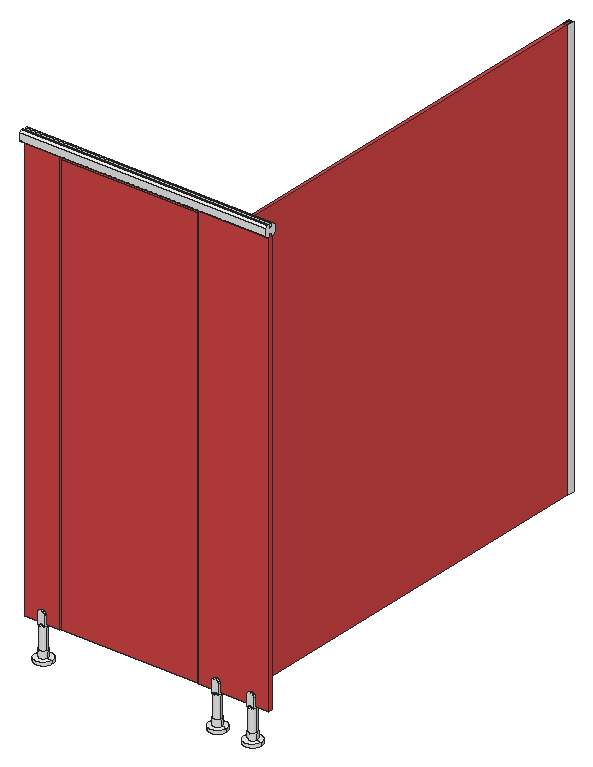
Revit family "ToiletPartition_ASI_Alpaco-Classic", category Casework, Revit 2014
Parameters (values of type "First Stall - Hinge Side At Wall")
  Width [instance] = 3' - 0"
  Warranty Duration (Years) = 0
  Wall Extension Length [instance] = 2' - 10"
  URL = "http://www.accuratepartitions.com/"
  Type Comments = "Contact Manufacturer for More Information"
  Test Data = "http://www.accuratepartitions.com/accurate/flammability.html"
  StrkPnlOffset = if((Offset Strike Panel), (Pilaster Width_Strike Side + (Panel Thickness / 2)), StrkPilast2)  # 0' - 6"
  StrkPilast2 = Pilaster Width_Strike Side / 2  # 0' - 6"
  Strike Side Panel = yes
  Strike Pilaster = yes
  Specification = "http://www.arcat.com/sdspecs/htm/10155apc.htm"
  SpecWizard = ""
  Pilaster Thickness = 0' - 0 1/2"
  Panel Thickness = 0' - 0 1/2"
  Panel - Strike Side = Pilaster : Mid Panel
  Panel - Hinge Side = Pilaster : End Panel
  Offset Strike Panel = no
  Offset Hinge Panel = yes
  HngPnlOffset = if((Offset Hinge Panel), (Pilaster Width_Hinge Side + (Panel Thickness / 2)), HngPilast2)  # 0' - 6 1/4"
  Hinge Side Panel = no
  Send Message = "http://www.arcat.com/users.pl?action=UserEmail&company=Accurate%20Partitions%20Corp&coid=30092&rep=139&fax=708-442-7439&mf="
  Sales Information = "http://www.accuratepartitions.com/accurate/images/AccurateReps.xls"
  Revision = "R1_09-2010"
  Product Properties = "http://www.arcat.com/bim/bim_info.pl?fn=AccuratePartitions"
  Product Data = "http://www.arcat.com/arcatcos/cos30/arc30092.html"
  Pilaster Width_Hinge Side = 0' - 6"
  Pilaster Width_Strike Side = 1' - 0"
  Pilaster Height = 6' - 7 97/256"  # constant formula
  Panel Height from Floor = 0' - 5.90551"
  Panel Height = 6' - 0"  # constant formula
  Model = "As Specified in 10 21 00"
  Material [instance] = As Specified from Manufacturer's Material and Finish Options
  Manufacturer Website = "http://www.accuratepartitions.com/"
  Manufacturer Phone - Toll Free = "800-400-6804"
  Manufacturer Phone = "708-442-6800"
  Manufacturer Fax = "708-442-7439"
  Manufacturer Address = "P. O. Box 287, Lyons, IL 60534-0287"
  Manufacturer = "Accurate Partitions Corp"
  Maintenance Schedule (Months) = 0
  Keynote = "10 21 00"
  Installation-Fabrication = "http://www.accuratepartitions.com/accurate/install.html"
  Installation Phase = ""
  HngPilast2 = Pilaster Width_Hinge Side / 2  # 0' - 3"
  Hinge Pilaster = yes
  Hinge [instance] = "[Stirrup}{Continuous}"
  Height = 6' - 8 81/256"
  Headrail Height = 0' - 1 1/4"
  HasBothReturns = no
  Has Return Rail2 = (and(Strike Pilaster, Offset Strike Panel, Strike Side Panel))  # no
  Has Return Rail 1 = (and(Hinge Pilaster, Offset Hinge Panel, Hinge Side Panel))  # no
  Hardware Finish [instance] = Aluminum
  Green Building-LEED = "http://www.arcat.com/green/clients/leed_data_30092.html"
  GapStrk = if((Offset Strike Panel), ((Panel Thickness / 2) + 0' 1"), 0' 0")  # 0' - 0"
  GapHng = if((Offset Hinge Panel), ((Panel Thickness / 2) + 0' 1"), 0' 0")  # 0' - 1 1/4"
  FrontRailOnly = yes
  FootLoc_Strike = if((Offset Strike Panel), (Pilaster Width_Strike Side / 2), (Pilaster Width_Strike Side / 4))  # 0' - 3"
  FootLoc_Hinge = if((Offset Hinge Panel), (Pilaster Width_Hinge Side / 2), (Pilaster Width_Hinge Side / 4))  # 0' - 3"
  Foot Space_Strike = Pilaster Width_Strike Side / 2  # 0' - 6"
  Foot Space_Hinge = Pilaster Width_Hinge Side / 2  # 0' - 3"
  Expected Lifespan (Years) = 0
  Drawn By = "Sumex Design, Inc."
  Door Thickness = 0' - 0 1/2"
  Door Style = Door : Rectangular
  Door Height = 6' - 0"  # constant formula
  Door Handle Height = 3' - 0"
  Description = "Partition as Specified in 10 21 00"
  Depth [instance] = 6' - 0"
  Copyright = "2010, ARCAT, Inc"
  Construction Details = "http://www.arcat.com/details/accurate/accurate.html?coid=30092"
  Building Codes = ""
  Bracket Type [instance] = "[Integral}{Vault}{8\" Aluminum Wrap-Around}{Continuous Piano}{Continuous Cam-Action}"
  Assembly Code = "C1010400"
  2Feet_StrikeSide = not(Offset Strike Panel)  # yes
  2Feet_HingeSide = not(Offset Hinge Panel)  # no
Types (7): name | StrkPnlOffset | StrkPilast2 | Strike Side Panel | Panel - Strike Side | Offset Strike Panel | Offset Hinge Panel | HngPnlOffset | Hinge Side Panel | Pilaster Width_Hinge Side | Pilaster Width_Strike Side | HngPilast2 | Hinge Pilaster | HasBothReturns | Has Return Rail2 | Has Return Rail 1 | GapStrk | GapHng | FrontRailOnly | Foot Space_Strike | Foot Space_Hinge | 2Feet_StrikeSide | 2Feet_HingeSide
  (no name) | 0' - 6" | 0' - 6" | yes | Pilaster : Mid Panel | no | yes | 0' - 6 1/4" | no | 0' - 6" | 1' - 0" | 0' - 3" | yes | no | no | no | 0' - 0" | 0' - 1 1/4" | yes | 0' - 6" | 0' - 3" | yes | no
  First Stall - Hinge Side At Wall | 0' - 6" | 0' - 6" | yes | Pilaster : Mid Panel | no | yes | 0' - 6 1/4" | no | 0' - 6" | 1' - 0" | 0' - 3" | yes | no | no | no | 0' - 0" | 0' - 1 1/4" | yes | 0' - 6" | 0' - 3" | yes | no
  Intermediate Stall | 0' - 6" | 0' - 6" | yes | Pilaster : Mid Panel | no | yes | 0' - 6 1/4" | no | 0' - 6" | 1' - 0" | 0' - 3" | no | no | no | no | 0' - 0" | 0' - 1 1/4" | yes | 0' - 6" | 0' - 3" | yes | no
  First Stall - Strike Side At Wall | 0' - 6 1/4" | 0' - 3" | no | Pilaster : Mid Panel | yes | no | 0' - 6" | no | 1' - 0" | 0' - 6" | 0' - 6" | no | no | no | no | 0' - 1 1/4" | 0' - 0" | yes | 0' - 3" | 0' - 6" | no | yes
  Single Stall - Freestanding | 0' - 6 1/4" | 0' - 3" | yes | Pilaster : End Panel | yes | yes | 0' - 6 1/4" | yes | 0' - 6" | 0' - 6" | 0' - 3" | yes | yes | yes | yes | 0' - 1 1/4" | 0' - 1 1/4" | no | 0' - 3" | 0' - 3" | no | no
  Last Stall - Strike Side Panel | 0' - 6 1/4" | 0' - 3" | yes | Pilaster : End Panel | yes | yes | 0' - 6 1/4" | no | 0' - 6" | 0' - 6" | 0' - 3" | no | no | yes | no | 0' - 1 1/4" | 0' - 1 1/4" | no | 0' - 3" | 0' - 3" | no | no
  Last Stall - Hinge Side Panel | 0' - 6" | 0' - 6" | yes | Pilaster : Mid Panel | no | yes | 0' - 6 1/4" | yes | 0' - 6" | 1' - 0" | 0' - 3" | yes | no | no | yes | 0' - 0" | 0' - 1 1/4" | no | 0' - 6" | 0' - 3" | yes | no
Reference planes (in)
  plane 1 "Center (Front/Back)": y = -4.89392
  plane 2 "Bottom": z = 0
  plane 3 "Center (Left/Right)": x = 3.546
  plane 4 "Front": y = -41.14392
  plane 5 "Back": y = 31.10608
  plane 6 "Top": z = 79.06641
  plane 7 "Panel Base": z = 5.90551
  plane 8: z = 36
  plane 9 "Pnl CL - R": x = 21.546
  plane 10 "Pnl CL - L": x = -14.454
  plane 11 "Top Rail": z = 80.31641
  plane 12: x = -14.204
  plane 13: x = -8.204
  plane 14: x = 15.546
  plane 15: x = 27.546
  plane 16: y = -40.89392
  plane 17: y = -41.39392
Forms (in)
  Sweep 1, solid, material "Aluminum" <- "Hardware Finish", visible <- "HasBothReturns", detail levels medium+fine
    path origin (0, 0, 80.31641) x (-1, 0, 0) y (0, -1, 0)
      loop
        line (14.454, -31.10608) -> (14.454, 41.14392) -> (-21.546, 41.14392) -> (-21.546, -31.10608)
    profile "Rail_AvGd-Classic : Classic" origin (3.546, -41.14392, 80.31641) x (0, 1, 0) y (0, 0, 1)
      loop
        line (0.57776, 0) -> (0.25, 0) -> (0.25, -0.5) -> (-0.25, -0.5) -> (-0.25, 0) -> (-0.57776, 0) -> (-0.90551, -0.32776) -> (-0.90551, -1.48474) -> (-0.57776, -1.8125) -> (-0.25, -1.8125) -> (-0.25, -1.3125) -> (0.25, -1.3125) -> (0.25, -1.8125) -> (0.57776, -1.8125) -> (0.90551, -1.48474) -> (0.90551, -0.32776) -> (0.57776, 0)
  Extrusion 2, solid, material "As Specified from Manufacturer's Material and Finish Options" <- "Material", visible <- "Strike Pilaster"
    sketch origin (0, 0, 5.90551) x (-1, 0, 0) y (0, -1, 0)
      loop
        line (-15.546, 40.89392) -> (-15.546, 41.39392) -> (-27.546, 41.39392) -> (-27.546, 40.89392) -> (-15.546, 40.89392)
    from 0 to 73.16089
  Extrusion 3, solid, material "As Specified from Manufacturer's Material and Finish Options" <- "Material", visible <- "Hinge Pilaster"
    sketch origin (0, 0, 5.90551) x (-1, 0, 0) y (0, -1, 0)
      loop
        line (14.204, 40.89392) -> (14.204, 41.39392) -> (8.204, 41.39392) -> (8.204, 40.89392) -> (14.204, 40.89392)
    from 0 to 73.16089
  Sweep 4, solid, material "Aluminum" <- "Hardware Finish", visible <- "Has Return Rail 1", detail levels medium+fine
    path origin (-51, 0, 80.31641) x (-1, 0, 0) y (0, -1, 0)
      loop
        line (-36.546, -31.10608) -> (-36.546, 41.14392) -> (-72.546, 41.14392)
    profile "Rail_AvGd-Classic : Classic" origin (3.546, -41.14392, 80.31641) x (0, 1, 0) y (0, 0, 1)
      loop
        line (0.57776, 0) -> (0.25, 0) -> (0.25, -0.5) -> (-0.25, -0.5) -> (-0.25, 0) -> (-0.57776, 0) -> (-0.90551, -0.32776) -> (-0.90551, -1.48474) -> (-0.57776, -1.8125) -> (-0.25, -1.8125) -> (-0.25, -1.3125) -> (0.25, -1.3125) -> (0.25, -1.8125) -> (0.57776, -1.8125) -> (0.90551, -1.48474) -> (0.90551, -0.32776) -> (0.57776, 0)
  Sweep 5, solid, material "Aluminum" <- "Hardware Finish", visible <- "Has Return Rail2", detail levels medium+fine
    path origin (77, 0, 80.31641) x (-1, 0, 0) y (0, -1, 0)
      loop
        line (91.454, 41.14392) -> (55.454, 41.14392) -> (55.454, -31.10608)
    profile "Rail_AvGd-Classic : Classic" origin (3.546, -41.14392, 80.31641) x (0, 1, 0) y (0, 0, 1)
      loop
        line (0.57776, 0) -> (0.25, 0) -> (0.25, -0.5) -> (-0.25, -0.5) -> (-0.25, 0) -> (-0.57776, 0) -> (-0.90551, -0.32776) -> (-0.90551, -1.48474) -> (-0.57776, -1.8125) -> (-0.25, -1.8125) -> (-0.25, -1.3125) -> (0.25, -1.3125) -> (0.25, -1.8125) -> (0.57776, -1.8125) -> (0.90551, -1.48474) -> (0.90551, -0.32776) -> (0.57776, 0)
  Sweep 6, solid, material "Aluminum" <- "Hardware Finish", visible <- "FrontRailOnly", detail levels medium+fine
    path origin (-131, 0, 80.31641) x (-1, 0, 0) y (0, -1, 0)
      loop
        line (-116.546, 41.14392) -> (-158.546, 41.14392)
    profile "Rail_AvGd-Classic : Classic" origin (6.546, -41.14392, 80.31641) x (0, 1, 0) y (0, 0, 1)
      loop
        line (0.57776, 0) -> (0.25, 0) -> (0.25, -0.5) -> (-0.25, -0.5) -> (-0.25, 0) -> (-0.57776, 0) -> (-0.90551, -0.32776) -> (-0.90551, -1.48474) -> (-0.57776, -1.8125) -> (-0.25, -1.8125) -> (-0.25, -1.3125) -> (0.25, -1.3125) -> (0.25, -1.8125) -> (0.57776, -1.8125) -> (0.90551, -1.48474) -> (0.90551, -0.32776) -> (0.57776, 0)
Dimensions and locks (in)
  equal spacing: plane 5 "Back", plane 1 "Center (Front/Back)", plane 16
  "Depth": plane 5 "Back" to plane 16
  "Panel Height from Floor": plane 7 "Panel Base" to level
  equal spacing: plane 10 "Pnl CL - L", plane 3 "Center (Left/Right)", plane 9 "Pnl CL - R"
  "Width": plane 10 "Pnl CL - L" to plane 9 "Pnl CL - R"
  "Door Handle Height": plane 8 to plane 2 "Bottom"
  "Headrail Height": plane 11 "Top Rail" to plane 6 "Top"
  "Height": plane 11 "Top Rail" to level
  "Pilaster Width_Hinge Side": plane 12 to plane 13
  "Pilaster Width_Strike Side": plane 14 to plane 15
  "StrkPnlOffset": plane 14 to plane 9 "Pnl CL - R"
  "HngPnlOffset": plane 10 "Pnl CL - L" to plane 13
  equal spacing: plane 16, plane 4 "Front", plane 17
  "Panel Thickness": plane 16 to plane 17
  "Foot Space_Hinge": nested 4 to nested 6
  "Foot Space_Strike": nested 7 to nested 5
  "FootLoc_Hinge": nested 6 to plane 13
  "FootLoc_Hinge": plane 14 to nested 7
  aligned and locked: nested 1 to plane 4 "Front"
  aligned and locked: nested 2 to plane 4 "Front"
  aligned and locked: plane 2 "Bottom" to nested 2
  aligned and locked: plane 5 "Back" to Sweep 1 sketch curve  (x2)
  aligned and locked: Sweep 1 sketch curve to plane 4 "Front"
  aligned and locked: plane 9 "Pnl CL - R" to Sweep 1 sketch curve
  aligned and locked: level to nested 1
  aligned and locked: plane 10 "Pnl CL - L" to nested 1
  aligned and locked: nested 3 to plane 4 "Front"
  aligned and locked: nested 3 to plane 13
  aligned and locked: nested 3 to plane 14
  aligned and locked: Extrusion 2 sketch curve to plane 16
  aligned and locked: Extrusion 2 sketch curve to plane 15
  aligned and locked: plane 17 to Extrusion 2 sketch curve
  aligned and locked: plane 14 to Extrusion 2 sketch curve
  aligned and locked: Extrusion 3 sketch curve to plane 13
  aligned and locked: Extrusion 3 sketch curve to plane 16
  aligned and locked: plane 12 to Extrusion 3 sketch curve
  aligned and locked: plane 17 to Extrusion 3 sketch curve
  aligned and locked: plane 6 "Top" to Extrusion 2
  aligned and locked: plane 6 "Top" to Extrusion 3
  aligned and locked: nested 5 to plane 4 "Front"
  aligned and locked: nested 4 to plane 4 "Front"
  aligned and locked: plane 10 "Pnl CL - L" to Sweep 1 sketch curve
  aligned and locked: plane 10 "Pnl CL - L" to Sweep 6 sketch curve
  aligned and locked: plane 9 "Pnl CL - R" to Sweep 4 sketch curve
  aligned and locked: Sweep 4 sketch curve to plane 4 "Front"
  aligned and locked: plane 10 "Pnl CL - L" to Sweep 4 sketch curve
  aligned and locked: plane 10 "Pnl CL - L" to Sweep 5 sketch curve
  aligned and locked: Sweep 5 sketch curve to plane 4 "Front"
  aligned and locked: plane 9 "Pnl CL - R" to Sweep 5 sketch curve
  aligned and locked: plane 5 "Back" to Sweep 5 sketch curve
  aligned and locked: plane 5 "Back" to Sweep 4 sketch curve
  aligned and locked: Sweep 6 sketch curve to plane 4 "Front"
  aligned and locked: nested 6 to plane 4 "Front"
  aligned and locked: nested 7 to plane 4 "Front"
  aligned and locked: Extrusion 2 to Sweep 6 sketch curve
Nested families (in)
  nested 1: "Pilaster" at (-14.454, -41.14392, 0) x (-1, 0, 0) z (0, 0, 1), Pilaster Height <- "Pilaster Height", visible <- "Hinge Side Panel", Floor Gap <- "Panel Height from Floor", Panel Height <- "Panel Height", Stall Depth <- "Depth", type <- "Panel - Hinge Side", type "End Panel"
    with Stall Depth 6' - 0", Pilaster Height 6' - 7 97/256", Panel Height 6' - 0", Floor Gap 0' - 5.90551"
  nested 2: "Pilaster" at (21.546, -41.14392, 0), Pilaster Height <- "Pilaster Height", visible <- "Strike Side Panel", Floor Gap <- "Panel Height from Floor", Panel Height <- "Panel Height", Stall Depth <- "Depth", type <- "Panel - Strike Side", type "Mid Panel"
    with Stall Depth 6' - 0", Pilaster Height 6' - 7 97/256", Panel Height 6' - 0", Floor Gap 0' - 5.90551"
  nested 3: "Door" at (3.546, -41.14392, 5.90551), type <- "Door Style", type "Rectangular"
    with HalfWidth 0' - 11 5/8", Door Width 1' - 11 3/4", Door Height 6' - 0"
  nested 4: "Foot" at (-14.204, -41.14392, 0), visible <- "2Feet_HingeSide", type "Foot", detail levels medium+fine
  nested 5: "Foot" at (24.546, -41.14392, 0), visible <- "2Feet_StrikeSide", type "Foot", detail levels medium+fine
  nested 6: "Foot" at (-11.204, -41.14392, 0), visible <- "Hinge Pilaster", type "Foot", detail levels medium+fine
  nested 7: "Foot" at (18.546, -41.14392, 0), type "Foot", detail levels medium+fine
Definition of nested family "Pilaster"
  Parameters (values of type "Mid Panel")
    Warranty Duration (Years) = 0
    URL = ""
    Test Data = ""
    Stall Depth [instance] = 2' - 0.52314"
    Specification = ""
    SpecWizard = ""
    Send Message = ""
    Sales Information = ""
    Revision = "R1_03-2010"
    Product Properties = "http://www.arcat.com/bim/bim_info.pl?fn="
    Product Data = ""
    Pilaster Height [instance] = 4' - 0"
    Panel Thickness = 0' - 0 1/2"
    Panel Height [instance] = 2' - 10.19401"
    Panel = yes
    Model = ""
    Material = As Specified from Manufacturer's Material and Finish Options
    Manufacturer Website = ""
    Manufacturer Phone - Toll Free = ""
    Manufacturer Phone = ""
    Manufacturer Fax = ""
    Manufacturer Address = ""
    Manufacturer = ""
    Maintenance Schedule (Months) = 0
    Keynote = ""
    Installation-Fabrication = ""
    Installation Phase = ""
    Hardware Finish = Aluminum
    Green Building-LEED = ""
    Floor Gap [instance] = 0' - 3.56921"
    Expected Lifespan (Years) = 0
    End Panel Hdw = no
    Drawn By = "Robert S. Weygant, CSI, CDT, SCIP"
    Description = ""
    Ctr Panel Hdw = yes
    Copyright = "2010, ARCAT, Inc"
    Construction Details = ""
    Building Codes = ""
    Assembly Code = "A"
  Types (3): name | Stall Depth | Panel | End Panel Hdw | Ctr Panel Hdw
    End Panel | 5' - 0" | yes | yes | no
    Mid Panel | 2' - 0.52314" | yes | no | yes
    No Panel | 5' - 0" | no | no | no
  Reference planes (in)
    plane 1 "Center (Front/Back)": y = 0
    plane 2 "Bottom": z = 0
    plane 3 "Center (Left/Right)": x = 0
    plane 4 "Front": y = -0.25
    plane 5 "Back": y = 0.25
    plane 6 "Left": x = -0.25
    plane 7 "Top": z = 48
    plane 8 "B.O. Panel": z = 3.56921
    plane 9: y = 24.27314
    plane 10: z = 37.76322
    plane 11: x = 0.25
    plane 12: y = 23.11689
  Forms (in)
    Extrusion 1, solid, material "As Specified from Manufacturer's Material and Finish Options" <- "Material", visible <- "Panel"
      sketch origin (-4.25, 0, 3.56921) x (-1, 0, 0) y (0, -1, 0)
        loop
          line (-4.5, -0.625) -> (-4.5, -23.89814) -> (-4, -23.89814) -> (-4, -0.625) -> (-4.5, -0.625)
      from 0 to 34.19401
    Extrusion 2, solid, material "Aluminum" <- "Hardware Finish", visible <- "Ctr Panel Hdw", detail levels fine
      sketch origin (0, 0, 3.56921) x (-1, 0, 0) y (0, -1, 0)
        loop
          line (-0.3937, -0.25) -> (-0.3937, -1.4311) -> (-0.25, -1.4311) -> (-0.25, -0.40625) -> (0.25, -0.40625) -> (0.25, -1.4311) -> (0.3937, -1.4311) -> (0.3937, -0.25) -> (-0.3937, -0.25)
      from 0 to 34.19401
    Extrusion 3, solid, material "Aluminum" <- "Hardware Finish", visible <- "End Panel Hdw", detail levels fine
      sketch origin (10, 0, 3.56921) x (-1, 0, 0) y (0, -1, 0)
        loop
          line (9.6063, -0.25) -> (9.6063, -1.10236) -> (9.75, -1.10236) -> (9.75, -0.3937) -> (10.25, -0.3937) -> (10.25, -1.10236) -> (10.3937, -1.10236) -> (10.3937, -0.3937) -> (11.10236, -0.3937) -> (11.10236, -0.25) -> (10.25, -0.25) -> (10.25, 0.25) -> (11.10236, 0.25) -> (11.10236, 0.3937) -> (10.25, 0.3937) -> (9.6063, -0.25)
      from 0 to 34.19401
    Extrusion 4, solid, material "Aluminum" <- "Hardware Finish", visible <- "Panel", detail levels fine
      sketch origin (0, 60, 3.56921) x (-1, 0, 0) y (0, -1, 0)
        loop
          line (-0.3937, 35.72686) -> (0.3937, 35.72686) -> (0.3937, 36.88311) -> (0.25, 36.88311) -> (0.25, 35.88311) -> (-0.25, 35.88311) -> (-0.25, 36.88311) -> (-0.3937, 36.88311) -> (-0.3937, 35.72686)
      from 0 to 34.19401
  Dimensions and locks (in)
    equal spacing: plane 5 "Back", plane 1 "Center (Front/Back)", plane 4 "Front"
    "Panel Thickness": plane 5 "Back" to plane 4 "Front"
    equal spacing: plane 6 "Left", plane 3 "Center (Left/Right)", plane 11
    "Pilaster Height": plane 7 "Top" to plane 2 "Bottom"
    "Floor Gap": plane 8 "B.O. Panel" to level
    equal spacing: Extrusion 1 sketch curve, plane 3 "Center (Left/Right)", Extrusion 1 sketch curve
    "Panel Thickness": Extrusion 1 sketch curve to Extrusion 1 sketch curve
    Extrusion 1 sketch curve to plane 5 "Back" = 0' - 0 3/8"
    locked: Extrusion 3 sketch curve to plane 5 "Back" at 0.1437
    locked: plane 4 "Front" to Extrusion 3 sketch curve at 0.1437
    locked: Extrusion 3 sketch curve to plane 4 "Front" at 1.35236
    "Stall Depth": plane 9 to plane 4 "Front"
    "Panel Height": plane 10 to plane 8 "B.O. Panel"
    locked: plane 9 to Extrusion 1 sketch curve at 0.375
    locked: Extrusion 2 sketch curve to Extrusion 2 sketch curve at 0.1437  (x2)
    "Panel Thickness": plane 6 "Left" to plane 11
    locked: Extrusion 3 sketch curve to plane 6 "Left" at 0.1437
    locked: plane 11 to Extrusion 3 sketch curve at 0.1437
    locked: Extrusion 2 sketch curve to plane 5 "Back" at 0.15625
    locked: Extrusion 4 sketch curve to Extrusion 4 sketch curve at 0.1437  (x2)
    locked: plane 9 to Extrusion 4 sketch curve at 0.15625
    locked: plane 9 to plane 12 at 1.15625
    aligned and locked: Extrusion 2 to plane 8 "B.O. Panel"
    aligned and locked: Extrusion 3 sketch curve to Extrusion 3 sketch curve  (x2)
    aligned and locked: Extrusion 3 sketch curve to plane 5 "Back"
    aligned and locked: plane 4 "Front" to Extrusion 3 sketch curve
    aligned and locked: Extrusion 3 to plane 8 "B.O. Panel"
    aligned and locked: plane 10 to Extrusion 3
    aligned and locked: plane 10 to Extrusion 2
    aligned and locked: plane 10 to Extrusion 1
    aligned and locked: plane 6 "Left" to Extrusion 3 sketch curve
    aligned and locked: Extrusion 3 sketch curve to plane 6 "Left"
    aligned and locked: plane 11 to Extrusion 3 sketch curve
    aligned and locked: plane 11 to Extrusion 2 sketch curve
    aligned and locked: plane 6 "Left" to Extrusion 2 sketch curve
    aligned and locked: plane 5 "Back" to Extrusion 2 sketch curve
    aligned and locked: Extrusion 4 sketch curve to plane 11
    aligned and locked: Extrusion 4 sketch curve to plane 6 "Left"
    aligned and locked: plane 9 to Extrusion 4 sketch curve
    aligned and locked: plane 12 to Extrusion 4 sketch curve  (x2)
    aligned and locked: plane 10 to Extrusion 4
  Automatic sketch dimensions
    Extrusion 2 sketch curve to Extrusion 2 sketch curve = 0' - 1.02485"
    Extrusion 2 sketch curve to Extrusion 2 sketch curve = 0' - 0"
    Extrusion 3 sketch curve to plane 6 "Left" = 0' - 0"
    Extrusion 3 sketch curve to plane 5 "Back" = 0' - 0"
    Extrusion 3 sketch curve to Extrusion 3 sketch curve = 0' - 0.70866"
    Extrusion 3 sketch curve to Extrusion 3 sketch curve = 0' - 0.1437"
Definition of nested family "Door"
  Parameters (values of type "Rectangular")
    Warranty Duration (Years) = 0
    URL = ""
    Test Data = ""
    Specification = ""
    SpecWizard = ""
    Send Message = ""
    Sales Information = ""
    Revision = ""
    Rect = yes
    Product Properties = "http://www.arcat.com/bim/bim_info.pl?fn="
    Product Data = ""
    Model = ""
    Material = As Specified from Manufacturer's Material and Finish Options
    Manufacturer Website = ""
    Manufacturer Phone - Toll Free = ""
    Manufacturer Phone = ""
    Manufacturer Fax = ""
    Manufacturer Address = ""
    Manufacturer = ""
    Maintenance Schedule (Months) = 0
    Kids = no
    Keynote = ""
    Installation-Fabrication = ""
    Installation Phase = ""
    Hinge Offset = 0' - 0 1/4"
    Hdw CL = 2' - 6"
    Hardware Finish = Aluminum
    HalfWidth [instance] = (Door Width - (Hinge Offset * 2)) / 2  # 0' - 11 3/4"
    Green Building-LEED = ""
    Expected Lifespan (Years) = 0
    Drawn By = ""
    Door Width [instance] = 2' - 0"
    Door Thickness = 0' - 0 1/2"
    Door Height = 5' - 0"
    Description = ""
    Default Elevation = 4' - 0"
    Copyright = ""
    Construction Details = ""
    Building Codes = ""
    Assembly Code = ""
  Types (3): name | Rect | Kids
    (no name) | yes | no
    Rectangular | yes | no
    Kids | no | yes
  Reference planes (in)
    plane 1 "Center (Front/Back)": y = 0
    plane 2 "Bottom": z = 0
    plane 3 "Center (Left/Right)": x = 0
    plane 4 "Front": y = -0.25
    plane 5 "Back": y = 0.25
    plane 6 "Strike Side": x = -12
    plane 7 "Hinge Side": x = 12
    plane 8 "Top": z = 60
    plane 9: z = 58
    plane 10: z = 30
    plane 11: z = 48.25
  Forms (in)
    Extrusion 1, solid, material "As Specified from Manufacturer's Material and Finish Options" <- "Material", visible <- "Rect"
      sketch origin (0, 0, 0) x (1, 0, 0) y (0, 0, 1)
        loop
          line (-11.75, 60) -> (-11.75, 0) -> (11.75, 0) -> (11.75, 60) -> (-11.75, 60)
      from -0.25 to 0.25
    Extrusion 2, solid, material "As Specified from Manufacturer's Material and Finish Options" <- "Material", visible <- "Kids"
      sketch origin (0, 0, 0) x (1, 0, 0) y (0, 0, 1)
        loop
          line (-11.75, 0) -> (11.75, 0) -> (11.75, 48.25)
          arc (11.75, 48.25) -> (0, 60) -> (-11.75, 48.25) r 11.75
          line (-11.75, 48.25) -> (-11.75, 0)
      from -0.25 to 0.25
  Lines and regions (in)
    symbolic lines
      curve 1: arc (12, 0, 0) -> (4.97056, -16.97056, 0) -> (-12, -24, 0) r 24
      curve 2: line (-12, -24, 0) -> (-12, 0, 0)
  Dimensions and locks (in)
    equal spacing: plane 5 "Back", plane 1 "Center (Front/Back)", plane 4 "Front"
    "Door Thickness": plane 5 "Back" to plane 4 "Front"
    equal spacing: plane 6 "Strike Side", plane 3 "Center (Left/Right)", plane 7 "Hinge Side"
    "Door Width": plane 6 "Strike Side" to plane 7 "Hinge Side"
    "Door Height": plane 8 "Top" to plane 2 "Bottom"
    "Hinge Offset": Extrusion 1 sketch curve to plane 6 "Strike Side"
    locked: plane 8 "Top" to plane 9 at 2
    "Hdw CL": plane 10 to level
    "Hinge Offset": Extrusion 2 sketch curve to plane 6 "Strike Side"
    "Hinge Offset": plane 7 "Hinge Side" to Extrusion 2 sketch curve
    "HalfWidth": plane 8 "Top" to plane 11
    "Door Width": radius of curve 1
    aligned and locked: Extrusion 1 sketch curve to plane 8 "Top"
    aligned and locked: plane 2 "Bottom" to Extrusion 1 sketch curve
    aligned and locked: plane 5 "Back" to Extrusion 1
    aligned and locked: Extrusion 1 to plane 4 "Front"
    aligned and locked: curve 2 to plane 6 "Strike Side"
    aligned and locked: plane 1 "Center (Front/Back)" to curve 2
    aligned and locked: plane 11 to Extrusion 2 sketch curve  (x3)
    aligned and locked: plane 3 "Center (Left/Right)" to Extrusion 2 sketch curve
    aligned and locked: plane 5 "Back" to Extrusion 2
    aligned and locked: Extrusion 2 to plane 4 "Front"
  Automatic sketch dimensions
    Extrusion 1 sketch curve to plane 7 "Hinge Side" = 0' - 0 1/4"
    plane 1 "Center (Front/Back)" to curve 1 = 0' - 0"
    Extrusion 2 sketch curve to level = 0' - 0"
Definition of nested family "Foot"
  Parameters (values of type "Foot")
    PanelWidth = 0' - 0 1/2"
    Material = none
  Reference planes (in)
    plane 1 "Center (Front/Back)": y = 0
    plane 2: z = 0
    plane 3 "Center (Left/Right)": x = 0
    plane 4: z = 7.87402
    plane 5: z = 5.90551
    plane 6: x = -1.5
    plane 7: z = 0.5
    plane 8: x = -0.75
    plane 9: x = -0.5
    plane 10: x = -0.625
    plane 11: y = 0.25
    plane 12: y = -0.25
  Forms (in)
    Revolve 1, solid, material <- "Material"
      sketch origin (0, 0, 0) x (1, 0, 0) y (0, 0, 1)
        loop
          line (0, 0) -> (0, 5.75) -> (-0.5, 5.75) -> (-0.625, 5.53349) -> (-0.625, 1.75) -> (-0.75, 1.75) -> (-0.75, 0.70096) -> (-1.5, 0.5) -> (-1.5, 0) -> (0, 0)
        axis (0, 5.75) -> (0, 0)
      angle from 0 to 360
    Extrusion 2, solid, material <- "Material"
      sketch origin (0, 0, 0) x (1, 0, 0) y (0, 0, 1)
        loop
          line (-0.625, 5.53349) -> (0.625, 5.53349) -> (0.625, 7.24902)
          arc (0.625, 7.24902) -> (0, 7.87402) -> (-0.625, 7.24902) r 0.625
          line (-0.625, 7.24902) -> (-0.625, 5.53349)
      from -0.5 to 0.5
    Extrusion 3, void
      sketch origin (0, 0, 0) x (0, 1, 0) y (0, 0, 1)
        loop
          line (0.25, 7.87402) -> (-0.25, 7.87402) -> (-0.25, 5.90551) -> (0.25, 5.90551) -> (0.25, 7.87402)
      from -0.75 to 0.75
  Cuts and joins
    Extrusion 3 cuts Revolve 1
    Extrusion 3 cuts Extrusion 2
    joined: Revolve 1, Extrusion 2
  Dimensions and locks (in)
    locked: plane 4 to level at 7.87402
    locked: plane 5 to level at 5.90551
    plane 7 to level = 0' - 0 1/2"
    locked: plane 3 "Center (Left/Right)" to plane 6 at 1.5
    locked: plane 3 "Center (Left/Right)" to plane 8 at 0.75
    locked: plane 3 "Center (Left/Right)" to plane 9 at 0.5
    locked: plane 5 to Revolve 1 sketch curve at 0.15551
    equal spacing: plane 9, plane 10, plane 8
    locked: Revolve 1 sketch curve to plane 7 at 1.25
    equal spacing: plane 11, plane 1 "Center (Front/Back)", plane 12
    "PanelWidth": plane 11 to plane 12
    Extrusion 2 to plane 1 "Center (Front/Back)" to Extrusion 2 = 0' - 0 1/2" locked, 0' - 0 1/2" locked
    locked: plane 7 to Revolve 1 sketch curve (angle 15.00°)
    locked: Revolve 1 sketch curve to plane 8 (angle 30.00°)
    aligned and locked: plane 2 to level
    aligned and locked: Revolve 1 sketch curve to plane 3 "Center (Left/Right)"  (x2)
    aligned and locked: level to Revolve 1 sketch curve
    aligned and locked: plane 6 to Revolve 1 sketch curve
    aligned and locked: plane 8 to Revolve 1 sketch curve
    aligned and locked: plane 4 to Extrusion 3 sketch curve
    aligned and locked: Extrusion 3 sketch curve to plane 11
    aligned and locked: Extrusion 3 sketch curve to plane 5
    aligned and locked: plane 12 to Extrusion 3 sketch curve
    aligned and locked: Extrusion 3 to plane 8
  Automatic sketch dimensions
    Revolve 1 sketch curve to plane 10 = 0' - 0"
    Revolve 1 sketch curve to plane 9 = 0' - 0"
    Revolve 1 sketch curve to plane 7 = 0' - 0"
    Revolve 1 sketch curve to level = 2' - 0"
    plane 4 to Revolve 1 sketch curve = 7' - 10.84481"
    Extrusion 2 sketch curve to plane 10 = 0' - 0"
    Extrusion 2 sketch curve to plane 3 "Center (Left/Right)" = 0' - 0"
    Extrusion 2 sketch curve to plane 5 = 0' - 0.37202"
    Extrusion 2 sketch curve to plane 4 = 0' - 0 5/8"
